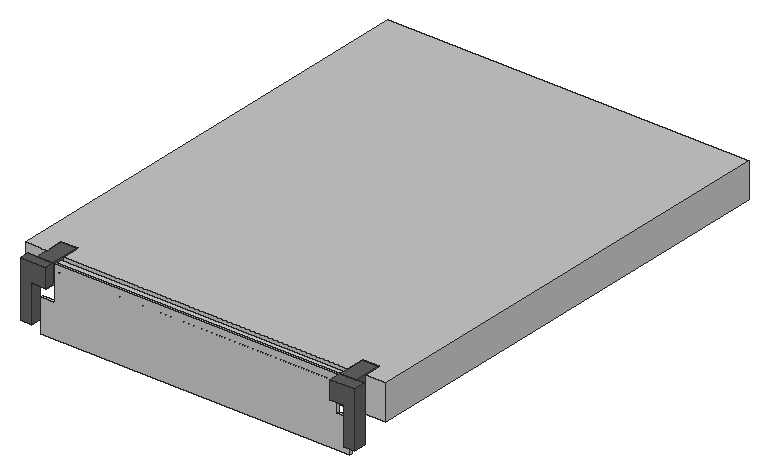
Revit family "Versa Dock", category Generic Models, host Floor, Revit 2015
Parameters (values of type "129")
  Type Comments = ""
  PitLength = 11' - 3"
  PitDepthR = 2' - 7"
  PitDepthF = PitDepthR + 0' 1"  # 2' - 8"
  Model = "Versa Dock"
  Manufacturer = "Entrematic"
  LipExtension = 0' - 0"
  Description = "9' Wide, Integraterd Bumper Hydraulic Leveler"
  Curb = 0' - 3"
  Capacity = "50/60/80k"
Types (7): name | PitLength | PitDepthR | PitDepthF | LipExtension
  (no name) | 11' - 3" | 2' - 7" | 2' - 8" | 0' - 0"
  89 | 7' - 3" | 2' - 1" | 2' - 2" | 0' - 0"
  109 | 9' - 3" | 2' - 4" | 2' - 5" | 0' - 0"
  129 | 11' - 3" | 2' - 7" | 2' - 8" | 0' - 0"
  129 Barrier Lip | 11' - 3" | 2' - 7" | 2' - 8" | 0' - 5"
  89 Barrier Lip | 7' - 3" | 2' - 1" | 2' - 2" | 0' - 5"
  109 Barrier Lip | 9' - 3" | 2' - 4" | 2' - 5" | 0' - 5"
Reference planes (in)
  plane 1 "Center (Front/Back)": y = 0
  plane 2: z = 0
  plane 3 "Center (Left/Right)": x = 0
  plane 4 "Edge Of Dock": y = -60
  plane 5: y = 75
  plane 6: x = 54.5
  plane 7: x = -54.5
  plane 8: z = -32
  plane 9: z = -31
  plane 10: x = -53.625
  plane 11: x = 53.625
  plane 12: y = -54.625
  plane 13: x = -47.375
  plane 14: x = -42.375
  plane 15: x = 42.375
  plane 16: x = 47.375
  plane 17: z = -0.375
  plane 18: x = -42
  plane 19: x = 42
  plane 20: z = -20.0625
  plane 21: z = -10.375
  plane 22: x = -46.0625
  plane 23: x = 46.0625
  plane 24: y = -63
  plane 25: y = -66.625
  plane 26: y = -58.125
  plane 27: z = 0
  plane 28: y = -63.75
  plane 29: y = -61.5
  plane 30: z = -1.875
  plane 31: x = -49.875
  plane 32: x = 49.875
  plane 33: y = 78
  plane 34: x = -57.5
  plane 35: x = 57.5
  plane 36: y = -57
  plane 37: z = -35
  plane 38: z = -3
Forms (in)
  Extrusion 1, void
    sketch origin (0, 0, 0) x (0, 1, 0) y (0, 0, 1)
      loop
        line (-60, 0) -> (-60, -31.99884) -> (75, -31) -> (75, 0) -> (-60, 0)
    from -54.5 to 54.5
  Extrusion 2, solid, material "Serco Diamond"
    sketch origin (0, 0, 0) x (1, 0, 0) y (0, 1, 0)
      loop
        line (-53.625, 75) -> (-53.625, -60) -> (-47.375, -60) -> (-47.375, -54.625) -> (-42.375, -54.625) -> (-42.375, -60) -> (42.375, -60) -> (42.375, -54.625) -> (47.375, -54.625) -> (47.375, -60) -> (53.625, -60) -> (53.625, 75) -> (-53.625, 75)
    from -10.375 to 0
  Extrusion 3, solid, material "Serco Diamond"
    sketch origin (0, 0, 0) x (1, 0, 0) y (0, 0, 1)
      loop
        line (-42, 0) -> (-42, -10.375) -> (-46.0625, -10.375) -> (-46.0625, -20.0625) -> (46.0625, -20.0625) -> (46.0625, -10.375) -> (42, -10.375) -> (42, 0) -> (-42, 0)
    from 63 to 63.75
  Extrusion 4, solid, material "Bumper"
    sketch origin (0, 0, 0) x (1, 0, 0) y (0, 0, 1)
      loop
        line (42.375, 0) -> (42.375, -5.5) -> (46.375, -5.5) -> (46.375, -16.5) -> (49.875, -16.5) -> (49.875, 0) -> (42.375, 0)
    from 63 to 66.625
  Extrusion 5, solid, material "Serco"
    sketch origin (0, 0, 0) x (0, 1, 0) y (0, 0, 1)
      loop
        circle (-61.5, -1.875) r 1.5
    from -42 to 42
  Extrusion 6, solid, material "Bumper"
    sketch origin (0, 0, 0) x (1, 0, 0) y (0, 1, 0)
      loop
        line (42.375, -63) -> (47.375, -63) -> (47.375, -54.625) -> (42.375, -54.625) -> (42.375, -63)
    from 0 to -5.5
  Extrusion 7, solid, material "Bumper"
    sketch origin (0, 0, 0) x (-1, 0, 0) y (0, 0, -1)
      loop
        line (42.375, 0) -> (49.875, 0) -> (49.875, 16.5) -> (46.375, 16.5) -> (46.375, 5.5) -> (42.375, 5.5) -> (42.375, 0)
    from 63.75 to 66.625
  Extrusion 8, solid, material "Bumper"
    sketch origin (-1.875, 0.125, 0) x (-1, 0, 0) y (0, -1, 0)
      loop
        line (40.5, 63.875) -> (40.5, 54.75) -> (45.5, 54.75) -> (45.5, 63.875) -> (40.5, 63.875)
    from 0 to -5.5
Lines and regions (in)
  model lines
    curve 1: line (54.5, 75, 0) -> (54.5, -60, 0)
    curve 2: line (54.5, -57, 0) -> (60.5, -57, 0)
    curve 3: line (60.5, -60, 0) -> (54.5, -60, 0)
    curve 4: line (-54.5, -60, 0) -> (-60.5, -60, 0)
    curve 5: line (-60.5, -60, 0) -> (-60.5, -57, 0)
    curve 6: line (-60.5, -57, 0) -> (-54.5, -57, 0)
    curve 7: line (-57.5, -57, 0) -> (-57.5, 78, 0)
    curve 8: line (-57.5, 75, 0) -> (57.5, 75, 0)
    curve 9: line (57.5, 78, 0) -> (-57.5, 78, 0)
    curve 10: line (-54.5, 0, -32) -> (57.5, 0, -32)
    curve 11: line (-54.5, -60, 0) -> (-54.5, -60, -32)
    curve 12: line (-54.5, -60, -32) -> (54.5, -60, -32)
    curve 13: line (54.5, -60, -32) -> (54.5, -60, 0)
    curve 14: line (54.5, -60, 0) -> (60.5, -60, 0)
    curve 15: line (60.5, -60, 0) -> (60.5, -60, -3)
    curve 16: line (60.5, -60, -3) -> (54.5, -60, -3)
    curve 17: line (57.5, -60, -3) -> (57.5, -60, -35)
    curve 18: line (57.5, -60, -35) -> (-57.5, -60, -35)
    curve 19: line (-57.5, -60, -35) -> (-57.5, -60, -1.875)
    curve 20: line (-57.5, -60, -32) -> (57.5, -60, -32)
    curve 21: line (54.5, -60, 0) -> (54.5, -60, -32)
    curve 22: line (-54.5, -60, -1.875) -> (-60.5, -60, -1.875)
    curve 23: line (-60.5, -60, -1.875) -> (-60.5, -60, 0)
    curve 24: line (60.5, -57, 0) -> (60.5, -60, 0)
    curve 25: line (57.5, 78, 0) -> (57.5, -57, 0)
Dimensions and locks (in)
  equal spacing: host sketch curve, plane 1 "Center (Front/Back)", host sketch curve
  equal spacing: host sketch curve, plane 3 "Center (Left/Right)", host sketch curve
  host sketch curve to host sketch curve = 10' - 0"  (x2)
  equal spacing: plane 7, plane 3 "Center (Left/Right)", plane 6, locked at 54.5 each
  "PitLength": plane 5 to plane 4 "Edge Of Dock"
  "PitDepthF": level to plane 8
  "PitDepthR": level to plane 9
  locked: connector elem to level at 21  (x2)
  locked: connector elem to plane 5 at 9  (x2)
  locked: plane 7 to plane 6 at 109
  equal spacing: plane 10, plane 3 "Center (Left/Right)", plane 11, locked at 53.625 each
  locked: plane 10 to plane 11 at 107.25
  plane 10 to plane 13 to plane 14 = 0' - 6 1/4" locked, 0' - 5" locked
  plane 15 to plane 16 to plane 11 = 0' - 5" locked, 0' - 6 1/4" locked
  locked: plane 12 to plane 4 "Edge Of Dock" at 5.375
  equal spacing: plane 18, plane 3 "Center (Left/Right)", plane 19, locked at 42 each
  locked: plane 18 to plane 19 at 84
  locked: level to plane 20 at 20.0625
  equal spacing: plane 23, plane 3 "Center (Left/Right)", plane 22, locked at 46.0625 each
  locked: plane 23 to plane 22 at 92.125
  Extrusion 3 to plane 17 to plane 2 = 0' - 10" locked, 0' - 0 3/8" locked
  plane 25 to plane 26 to Extrusion 2 = 0' - 8 1/2" locked, 0' - 3 1/2" locked
  "LipExtension": plane 27 to level
  locked: plane 25 to Extrusion 2 at 6.625
  locked: plane 24 to plane 28 at 0.75
  locked: plane 4 "Edge Of Dock" to plane 24 at 3
  equal spacing: plane 24, plane 29, Extrusion 2, locked at 1.5 each
  locked: plane 17 to plane 30 at 1.5
  locked: plane 31 to Extrusion 8 at 2.5
  locked: Extrusion 6 to plane 32 at 2.5
  "Curb": plane 34 to plane 7
  "Curb": plane 35 to plane 6
  "Curb": plane 36 to plane 4 "Edge Of Dock"
  "Curb": plane 33 to plane 5
  "Curb": plane 8 to plane 37
  "Curb": level to plane 38
  locked: plane 27 to connector elem at 18
  diameter of Extrusion 5 sketch curve = 0' - 3"
  aligned and locked: level to plane 2
  aligned and locked: Extrusion 1 sketch curve to level
  aligned and locked: plane 4 "Edge Of Dock" to Extrusion 1 sketch curve
  aligned and locked: Extrusion 1 sketch curve to plane 5
  aligned and locked: plane 9 to Extrusion 1 sketch curve
  aligned and locked: Extrusion 1 to plane 7
  aligned and locked: Extrusion 1 to plane 6
  aligned and locked: plane 5 to Extrusion 2 sketch curve
  aligned and locked: Extrusion 2 sketch curve to plane 10
  aligned and locked: Extrusion 2 sketch curve to plane 11
  aligned and locked: Extrusion 2 sketch curve to plane 4 "Edge Of Dock"  (x2)
  aligned and locked: Extrusion 2 sketch curve to plane 12  (x2)
  aligned and locked: plane 15 to Extrusion 2 sketch curve
  aligned and locked: Extrusion 2 sketch curve to plane 16
  aligned and locked: plane 13 to Extrusion 2 sketch curve
  aligned and locked: Extrusion 2 sketch curve to plane 14
  aligned and locked: level to Extrusion 2
  aligned and locked: Extrusion 3 sketch curve to plane 18
  aligned and locked: plane 21 to Extrusion 3 sketch curve  (x2)
  aligned and locked: Extrusion 3 sketch curve to plane 22
  aligned and locked: Extrusion 3 sketch curve to plane 19
  aligned and locked: Extrusion 3 sketch curve to plane 20
  aligned and locked: Extrusion 3 sketch curve to plane 23
  aligned and locked: Extrusion 2 to plane 21
  aligned and locked: plane 30 to Extrusion 5 sketch curve
  aligned and locked: plane 29 to Extrusion 5 sketch curve
  aligned and locked: Extrusion 4 to plane 25
  aligned and locked: plane 18 to Extrusion 5
  aligned and locked: plane 27 to Extrusion 3
  aligned and locked: Extrusion 4 to Extrusion 3
  aligned and locked: Extrusion 6 sketch curve to Extrusion 4  (x2)
  aligned and locked: Extrusion 6 sketch curve to Extrusion 2  (x2)
  aligned and locked: Extrusion 4 to Extrusion 6
  aligned and locked: Extrusion 7 to Extrusion 8
  aligned and locked: Extrusion 8 to plane 13
  aligned and locked: plane 12 to Extrusion 8
  aligned and locked: plane 14 to Extrusion 8
  aligned and locked: Extrusion 7 to plane 14
  aligned and locked: Extrusion 7 to plane 25
  aligned and locked: plane 28 to Extrusion 7
  aligned and locked: Extrusion 4 to plane 32
  aligned and locked: Extrusion 7 to plane 31
  aligned and locked: Extrusion 2 to plane 11
  aligned and locked: plane 4 "Edge Of Dock" to curve 3
  aligned and locked: curve 2 to plane 36
  aligned and locked: curve 6 to plane 36
  aligned and locked: plane 4 "Edge Of Dock" to curve 4
  aligned and locked: plane 34 to curve 7
  aligned and locked: curve 8 to plane 5
  aligned and locked: plane 33 to curve 9
  aligned and locked: plane 37 to curve 18
  aligned and locked: plane 34 to curve 19
  aligned and locked: curve 20 to plane 8
  aligned and locked: curve 16 to plane 38
  aligned and locked: curve 14 to host floor
  aligned and locked: level to curve 4
  aligned and locked: plane 30 to curve 22
  aligned and locked: curve 25 to plane 35
  aligned and locked: Extrusion 3 to plane 28
  aligned and locked: Extrusion 2 to plane 4 "Edge Of Dock"
Automatic sketch dimensions
  plane 8 to Extrusion 1 sketch curve = 0' - 0.00116"
  Extrusion 2 sketch curve to plane 4 "Edge Of Dock" = 0' - 0"
  Extrusion 3 sketch curve to plane 27 = 0' - 0"
  Extrusion 4 sketch curve to level = 0' - 0"
  Extrusion 4 sketch curve to plane 15 = 0' - 0"
  plane 23 to Extrusion 4 sketch curve = 0' - 0 5/16"
  plane 16 to Extrusion 4 sketch curve = 0' - 2 1/2"
  Extrusion 4 sketch curve to plane 30 = 0' - 3 5/8"
  plane 20 to Extrusion 4 sketch curve = 0' - 3 9/16"
  Extrusion 7 sketch curve to level = 0' - 0"
  Extrusion 7 sketch curve to plane 14 = 0' - 0"
  plane 22 to Extrusion 7 sketch curve = 0' - 0 5/16"
  plane 13 to Extrusion 7 sketch curve = 0' - 2 1/2"
  plane 30 to Extrusion 7 sketch curve = 0' - 3 5/8"
  Extrusion 7 sketch curve to plane 20 = 0' - 3 9/16"
  Extrusion 8 sketch curve to plane 12 = 0' - 0"
  Extrusion 8 sketch curve to plane 14 = 0' - 0"
  plane 13 to Extrusion 8 sketch curve = 0' - 0"
  plane 24 to Extrusion 8 sketch curve = 0' - 0 3/4"
  curve 10 to plane 8 = 0' - 0"
  curve 10 to plane 7 = 0' - 0"
  curve 10 to plane 35 = 0' - 0"
  curve 17 to plane 35 = 0' - 0"
  curve 13 to plane 6 = 0' - 0"
  curve 11 to plane 7 = 0' - 0"
  curve 23 to level = 0' - 0"
  curve 13 to plane 8 = 0' - 0"
  curve 11 to level = 0' - 0"
  plane 35 to curve 15 = 0' - 3"
  curve 19 to curve 23 = 0' - 3"
  curve 6 to plane 7 = 0' - 0"
  curve 4 to plane 7 = 0' - 0"
  curve 1 to plane 6 = 0' - 0"
  curve 4 to plane 34 = 0' - 3"
  plane 35 to curve 24 = 0' - 3"
Connectors (in)
  electrical at (54.5, 66, -21)
    settings: on plane 6, index 1, voltage 0 V, apparent load 0 VA, apparent load phase1 0 VA, apparent load phase2 0 VA, apparent load phase3 0 VA, power factor 1, load classification "Other", number of poles 1, system type 31, power factor state 1, is connector primary yes, connector utility no, sub classification motor no, connector description ""
  electrical at (54.5, 66, -18)
    settings: on plane 6, index 2, voltage 0 V, apparent load 0 VA, apparent load phase1 0 VA, apparent load phase2 0 VA, apparent load phase3 0 VA, power factor 1, load classification "Other", number of poles 1, system type 31, power factor state 1, is connector primary no, connector utility no, sub classification motor no, connector description ""
